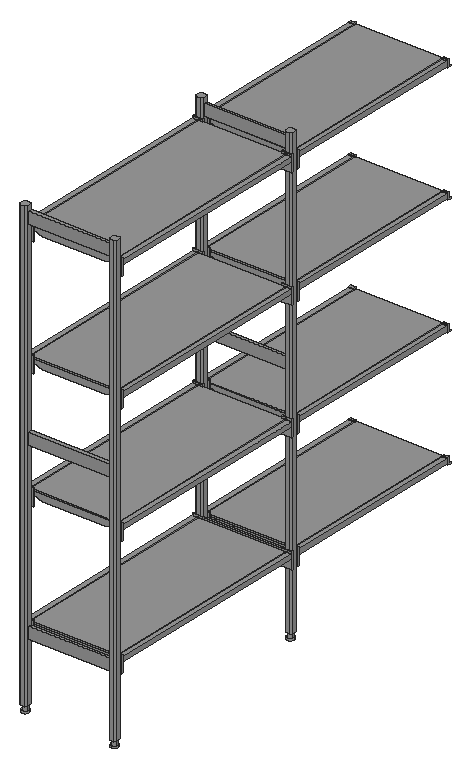
Revit family "QF_ZANUSSI_137059_ACS1574", category Attrezzature speciali, Revit 2020 (continued)
Definition of nested family "WT_Aggancio373"
  Dimensions and locks
    "Dint": plane 7 to plane 8
    equal spacing: plane 7, plane 6 "Center (Front/Back)", plane 8
    equal spacing: plane 3 "BACK", plane 6 "Center (Front/Back)", plane 4 "FRONT"
    plane 9 "FEET" to level = 25.0 mm
    plane 5 "TOP" to plane 9 "FEET" = 1700.0 mm
    plane 10 to plane 9 "FEET" = 250.0 mm
    plane 11 to plane 10 = 450.0 mm
    plane 12 to plane 11 = 450.0 mm
    plane 13 to plane 12 = 450.0 mm
    locked: plane 3 "BACK" to plane 15 "CYBack" at 17.5
    locked: plane 16 "CYFront" to plane 4 "FRONT" at 17.5
    aligned and locked: level to plane 1
    aligned and locked: Extrusion 1 sketch curve to Extrusion 1 sketch curve  (x3)
  Automatic sketch dimensions
    plane 16 "CYFront" to Extrusion 1 sketch curve = 1.478 mm  (x4)
    Extrusion 1 sketch curve to Extrusion 1 sketch curve = 2.0 mm
    plane 8 to Extrusion 1 sketch curve = 3.478 mm  (x4)
    Extrusion 1 sketch curve to plane 10 = 4.006 mm
    Extrusion 1 sketch curve to Extrusion 1 sketch curve = 34.0 mm  (x4)
    Extrusion 1 sketch curve to plane 11 = 4.006 mm
    Extrusion 1 sketch curve to plane 12 = 4.006 mm
    Extrusion 1 sketch curve to plane 13 = 4.006 mm
    Extrusion 1 sketch curve to plane 7 = 37.522 mm  (x4)
    Extrusion 1 sketch curve to plane 7 = 3.522 mm  (x4)
    plane 14 to Extrusion 1 sketch curve = 3.516 mm  (x4)
    plane 14 to Extrusion 1 sketch curve = 1.522 mm  (x4)
    plane 10 to Extrusion 1 sketch curve = 7.998 mm  (x2)
    Extrusion 1 sketch curve to Extrusion 1 sketch curve = 11.498 mm  (x4)
    Extrusion 1 sketch curve to Extrusion 1 sketch curve = 6.499 mm  (x8)
    plane 11 to Extrusion 1 sketch curve = 7.998 mm  (x2)
    plane 12 to Extrusion 1 sketch curve = 7.998 mm  (x2)
    plane 13 to Extrusion 1 sketch curve = 7.998 mm  (x2)
    plane 2 "LEFT" to Extrusion 2 sketch curve = 0.0 mm  (x4)
    plane 13 to Extrusion 2 sketch curve = 7.996 mm
    plane 11 to Extrusion 2 sketch curve = 7.996 mm
    Extrusion 2 sketch curve to Extrusion 2 sketch curve = 5.0 mm  (x4)
    plane 11 to Extrusion 2 sketch curve = 2.494 mm
    plane 10 to Extrusion 2 sketch curve = 28.996 mm
    Extrusion 2 sketch curve to Extrusion 2 sketch curve = 3.0 mm  (x4)
    plane 10 to Extrusion 2 sketch curve = 7.996 mm
    plane 10 to Extrusion 2 sketch curve = 2.494 mm
    Extrusion 2 sketch curve to Extrusion 2 sketch curve = 18.0 mm  (x3)
    plane 12 to Extrusion 2 sketch curve = 2.494 mm
    plane 12 to Extrusion 2 sketch curve = 7.996 mm
    plane 13 to Extrusion 2 sketch curve = 2.494 mm
    plane 2 "LEFT" to Extrusion 3 sketch curve = 0.0 mm  (x4)
    plane 13 to Extrusion 3 sketch curve = 7.996 mm
    plane 11 to Extrusion 3 sketch curve = 7.996 mm
    Extrusion 3 sketch curve to Extrusion 3 sketch curve = 5.0 mm  (x4)
    plane 11 to Extrusion 3 sketch curve = 2.494 mm
    plane 10 to Extrusion 3 sketch curve = 28.996 mm
    Extrusion 3 sketch curve to Extrusion 3 sketch curve = 3.0 mm  (x4)
    plane 10 to Extrusion 3 sketch curve = 7.996 mm
    plane 10 to Extrusion 3 sketch curve = 2.494 mm
    Extrusion 3 sketch curve to Extrusion 3 sketch curve = 18.0 mm  (x3)
    plane 12 to Extrusion 3 sketch curve = 2.494 mm
    plane 12 to Extrusion 3 sketch curve = 7.996 mm
    plane 13 to Extrusion 3 sketch curve = 2.494 mm
    plane 2 "LEFT" to curve 1 = 5.0 mm
    plane 2 "LEFT" to curve 7 = 5.0 mm
    curve 1 to plane 16 "CYFront" = 17.5 mm
    curve 3 to plane 8 = 12.522 mm
    plane 7 to curve 5 = 12.478 mm
    curve 7 to plane 14 = 17.5 mm
    curve 5 to curve 5 = 4.0 mm
    curve 1 to curve 4 = 4.0 mm
    Extrusion 2 sketch curve to Extrusion 2 sketch curve = 4.0 mm  (x4)
    Extrusion 2 sketch curve to Extrusion 2 sketch curve = 8.969 mm  (x4)
    Extrusion 3 sketch curve to Extrusion 3 sketch curve = 4.0 mm  (x4)
    Extrusion 3 sketch curve to Extrusion 3 sketch curve = 8.969 mm  (x4)
